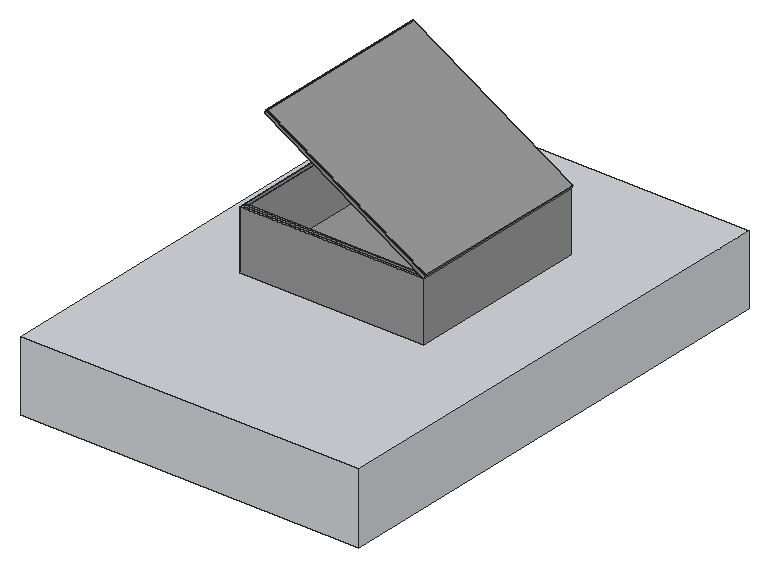
Revit family "Hager-Univers-IP55-D275-H800-Cl.I-Steel_encl-AT-de", category Equipement électrique, Revit 2020
Family settings
  Hôte = Face
  Configuration du panneau = Deux colonnes, circuits au sein
  Cote de connecteur circulaire = Utiliser le diamètre
  Type d'élément = Tableau de raccordement
  Couper avec des vides une fois chargée = Non
  Partagée = Non
  Point de calcul de pièce = Non
Parameters (values of type "Aufputz IP55 B800 H800 T275  - FR53E")
  Width Control [instance] = if([EF000008 - Breite] > Min Width, [EF000008 - Breite], Min Width)  # 800 mm
  Commentaires du type = [HG000003 - Bereich]  # "Univers"
  Thickness Door [instance] = if([EF009171 - Materialstärke Tür/Deckel] > 3 mm, 3 mm, [EF009171 - Materialstärke Tür/Deckel])  # 1.5 mm
  Seal Frame Offset [instance] = 17 mm  # constant formula
  Plinth Visibility [instance] = [HG000027 - Sockelhöhe] > 0 mm  # no
  Model = ""
  Min Width [instance] = 100 mm  # constant formula
  Min Height [instance] = 100 mm  # constant formula
  Min Depth [instance] = (2 * [EF009170 - Materialstärke Gehäuse]) + 1 mm  # 4 mm
  Internal Frame Depth [instance] = (Door System Depth * 0.5)  # 9 mm
  Height Control [instance] = if([EF000040 - Höhe] > Min Height, [EF000040 - Höhe], Min Height)  # 800 mm
  HG000027 - Sockelhöhe = 0 mm
  HG000026 - Stehend auf dem Boden = no
  HG000024 - Höhe des unteren Teils = 800 mm
  HG000023 - Gehäuse mit doppeltem Querschnitt = no
  HG000016 - 3D-Türsichtbarkeit [instance] = yes
  HG000015 - Sichtbarkeit der Türöffnung [instance] = no
  HG000014 - Tür rechts [instance] = yes
  HG000013 - Tür links [instance] = not([HG000014 - Tür rechts])  # no
  HG000012 - Türschwenkwinkel [instance] = 30.00°
  HG000010 - Asymmetrische Türen = no
  HG000009 - Doppelflügeligen Tür = no
  HG000006 - Unterputz = no
  HG000004 - Herstellerreferenz = "FR53E"
  HG000003 - Bereich = "Univers"
  HG000002 - Mit tür = yes
  Frame Offset Bottom [instance] = 10 mm  # constant formula
  Frame Offset [instance] = 15 mm  # constant formula
  EF015940 - Deckel mit Überdruckentlastung = no
  EF011959 - Schutzart (NEMA) = ""
  EF009554 - Anzahl der Öffnungen für Flanschplatten = 6
  Fabricant = "Hager"  # constant formula
  EF009212 - Ausführung Deckel = "EV000116 - geschlossen"
  EF009171 - Materialstärke Tür/Deckel = 1.5 mm
  EF009170 - Materialstärke Gehäuse = 1.5 mm
  EF008873 - Nennstrom (In) = 800 A
  EF007800 - Geeignet für Blitzschutz = no
  EF006306 - Mit Schloss = no
  EF006244 - Transparenter Deckel/Tür = no
  EF005474 - Schutzart (IP) = "EV006420 - IP55"
  EF004464 - Art der Tür = "EV002646 - Einzel"
  EF004427 - Anzahl der Module = 180
  EF004293 - Schlagfestigkeit = "EV008784 - IK10"
  EF003532 - Geeignet für Außengebrauch = no
  EF002950 - Breite in Teilungseinheiten = 24
  EF001613 - Funktionserhalt = "EV000494 - ohne"
  EF001596 - Werkstoff des Gehäuses = "EV000179 - Stahl"
  EF001131 - Innentiefe = 275 mm
  EF001088 - Anbaumöglichkeit = yes
  EF000437 - Anzahl der Leitungseinführungen = 6
  EF000339 - Art der Abdeckung = "EV004216 - Tür"
  EF000266 - Anzahl der Reihen = 5
  EF000218 - Einbautiefe = 0 mm
  EF000118 - Mit Montageplatte = no
  EF000116 - RAL-Nummer = "7035"
  EF000049 - Tiefe = 275 mm
  EF000040 - Höhe = 800 mm
  EF000008 - Breite = 800 mm
  EF000007 - Farbe = "EV000270 - grau"
  EF000003 - Montageart = "EV000384 - Aufputz"
  Door System Leaf Tolerance [instance] = 1.5 mm  # constant formula
  Door System Depth [instance] = 18 mm  # constant formula
  Door Height [instance] = Height Control - [HG000027 - Sockelhöhe]  # 800 mm
  Depth Control [instance] = if([EF000049 - Tiefe] > Min Depth, [EF000049 - Tiefe], Min Depth)  # 275 mm
  Default Elevation = 0 mm
  Connector Offset [instance] = Height Control / 2  # 400 mm
  Bottom Top Plate Trim [instance] = 1.5 mm  # constant formula
  Plinth height Ctrl [instance] = if([HG000027 - Sockelhöhe] > 0 mm, [HG000027 - Sockelhöhe], 12 mm)  # 12 mm
Types (5, lengths in mm): name | Width Control | HG000010 - Asymmetrische Türen | HG000009 - Doppelflügeligen Tür | HG000004 - Herstellerreferenz | EF009554 - Anzahl der Öffnungen für Flanschplatten | EF004464 - Art der Tür | EF004427 - Anzahl der Module | EF000437 - Anzahl der Leitungseinführungen | EF000008 - Breite
  Aufputz IP55 B1050 H800 T275  - FR54E | 1050 | no | yes | "FR54E" | 8 | "EV003602 - Doppel" | 240 | 8 | 1050
  Aufputz IP55 B1300 H800 T275  - FR55E | 1300 | yes | yes | "FR55E" | 10 | "EV003602 - Doppel" | 300 | 10 | 1300
  Aufputz IP55 B300 H800 T275  - FR51E | 300 | no | no | "FR51E" | 2 | "EV002646 - Einzel" | 60 | 2 | 300
  Aufputz IP55 B550 H800 T275  - FR52E | 550 | no | no | "FR52E" | 4 | "EV002646 - Einzel" | 120 | 4 | 550
  Aufputz IP55 B800 H800 T275  - FR53E | 800 | no | no | "FR53E" | 6 | "EV002646 - Einzel" | 180 | 6 | 800
Reference planes
  plane 1 "Center (Front/Back)": y = 0
  plane 2: z = 0
  plane 3 "Center (Left/Right)": x = 0
  plane 4: z = 275
  plane 5: y = 1.5
  plane 6: y = 400
  plane 7: y = 0
  plane 8: y = 800
  plane 9: z = 0
  plane 10: x = -385
  plane 11: x = 385
  plane 12: x = 383.5
  plane 13: x = -383.5
  plane 14: y = 798.5
  plane 15: x = -383
  plane 16: x = -400
  plane 17: x = 383
  plane 18: x = 400
  plane 19: x = 398.5
  plane 20: x = -398.5
  plane 21: y = 11.5
  plane 22: y = 800
  plane 23: y = 783.5
  plane 24: z = 257
  plane 25: z = 1.5
  plane 26: z = 255.5
  plane 27: z = 273.5
Forms (mm)
  Extrusion 1, solid
    sketch origin (0, 0, 0) x (1, 0, 0) y (0, 1, 0)
      loop
        line (-702.964, 1305) -> (-702.964, -811.445) -> (766.763, -811.445) -> (766.763, 1305) -> (-702.964, 1305)
    from 0 to -304.8
  Extrusion 2, solid, material "Hager_Steel_RAL7035_Light_Grey", visible <- "Plinth Visibility", detail levels medium+fine
    sketch origin (0, 0, 0) x (1, 0, 0) y (0, 1, 0)
      loop
        line (-400, 0) -> (400, 0) -> (400, 12) -> (-400, 12) -> (-400, 0)
    from 0 to 257
  Extrusion 3, solid, material "Hager_Steel_RAL7035_Light_Grey", detail levels medium+fine
    sketch origin (0, 0, 0) x (1, 0, 0) y (0, 1, 0)
      loop
        line (-400, 0) -> (400, 0) -> (400, 800) -> (-400, 800) -> (-400, 0)
    from 0 to 257
  Extrusion 4, void
    sketch origin (0, 0, 0) x (1, 0, 0) y (0, 1, 0)
      loop
        line (-398.5, 1.5) -> (398.5, 1.5) -> (398.5, 798.5) -> (-398.5, 798.5) -> (-398.5, 1.5)
    from 1.5 to 255.5
  Extrusion 5, void
    sketch origin (-381.607, -4572, 257) x (0, -1, 0) y (-1, 0, 0)
      loop
        line (-4583.5, 1.893) -> (-5355.5, 1.893) -> (-5355.5, -765.107) -> (-4583.5, -765.107) -> (-4583.5, 1.893)
    from 0 to 1.5 <- "EF009170 - Materialstärke Gehäuse"
  Extrusion 6, solid, material "Hager_Steel_RAL7035_Light_Grey", detail levels fine
    sketch origin (0, 0, 257) x (1, 0, 0) y (0, 1, 0)
      loop
        line (-383.5, 783.5) -> (-383.5, 11.5) -> (383.5, 11.5) -> (383.5, 783.5) -> (-383.5, 783.5)
      loop
        line (-385, 10) -> (385, 10) -> (385, 785) -> (-385, 785) -> (-385, 10)
    from 0 to 9 <- "Internal Frame Depth"
  Extrusion 7, solid, material "Hager_Steel_RAL7035_Light_Grey", detail levels coarse
    sketch origin (0, 0, 0) x (1, 0, 0) y (0, 1, 0)
      loop
        line (-400, 0) -> (400, 0) -> (400, 800) -> (-400, 800) -> (-400, 0)
    from 0 to 275
  Sweep 8, void
    path in 3D
      loop
        line (-400, 12, 0) -> (400, 12, 0) -> (400, 12, 257) -> (-400, 12, 257) -> (-400, 12, 0)
    profile origin (-400, 12, 128.5) x (-1, 0, 0) y (0, -1, 0)
      loop
        line (0, 0) -> (0, 1.5) -> (-1.5, 1.5)
        arc (-1.5, 1.5) -> (-1.061, 0.439) -> (0, 0) r 1.5
Cuts and joins
  Extrusion 4, Extrusion 5 cuts Extrusion 3
  Sweep 8 cuts Extrusion 2
Lines and regions (mm)
  Masking region 1
    outline origin (0, 0, 0) x (1, 0, 0) y (0, 0, 1)
      loop
        line (-400, 275) -> (-400, 0) -> (400, 0) -> (400, 275) -> (-400, 275)
  Masking region 2, detail levels medium+fine
    outline origin (0, 140, 0) x (0, 1, 0) y (0, 0, 1)
      loop
        line (-140, 0) -> (660, 0) -> (660, 257) -> (-140, 257) -> (-140, 0)
  Masking region 3, not visible, detail levels medium+fine
    outline origin (0, 297.922, 0) x (0, 1, 0) y (0, 0, 1)
      loop
        line (113.578, 0) -> (153.578, 0) -> (153.578, 263.5)
        arc (153.578, 263.5) -> (150.649, 270.571) -> (143.578, 273.5) r 10
        line (143.578, 273.5) -> (113.578, 273.5) -> (113.578, 0)
  Masking region 4, detail levels coarse
    outline origin (0, 0, 180) x (0, 1, 0) y (0, 0, 1)
      loop
        line (0, -180) -> (800, -180) -> (800, 95) -> (0, 95) -> (0, -180)
  Masking region 5, visible <- "Plinth Visibility", detail levels medium+fine
    outline origin (0, 52.24, 12.345) x (0, 0, -1) y (0, 1, 0)
      loop
        line (10.845, -40.24) -> (-243.155, -40.24)
        arc (-243.155, -40.24) -> (-243.594, -41.301) -> (-244.655, -41.74) r 1.5
        line (-244.655, -41.74) -> (-244.655, -52.24) -> (12.345, -52.24) -> (12.345, -41.74)
        arc (12.345, -41.74) -> (11.285, -41.301) -> (10.845, -40.24) r 1.5
  Masking region 6, detail levels medium+fine
    outline origin (-381.607, -4572, 257) x (-1, 0, 0) y (0, -1, 0)
      loop
        line (18.393, -5372) -> (18.393, -4572) -> (-781.607, -4572) -> (-781.607, -5372) -> (18.393, -5372)
  Masking region 7, visible <- "Plinth Visibility", detail levels medium+fine
    outline origin (-381.607, -4727, 257) x (-1, 0, 0) y (0, -1, 0)
      loop
        arc (16.893, -4739) -> (17.332, -4737.939) -> (18.393, -4737.5) r 1.5
        line (18.393, -4737.5) -> (18.393, -4727) -> (-781.607, -4727) -> (-781.607, -4737.5)
        arc (-781.607, -4737.5) -> (-780.546, -4737.939) -> (-780.107, -4739) r 1.5
        line (-780.107, -4739) -> (16.893, -4739)
  Masking region 8, detail levels coarse
    outline origin (-442.548, -4669.526, 257) x (-1, 0, 0) y (0, -1, 0)
      loop
        line (-42.548, -5469.526) -> (-42.548, -4669.526) -> (-842.548, -4669.526) -> (-842.548, -5469.526) -> (-42.548, -5469.526)
  sketch lines
    curve 1: line (-400, 12, 257) -> (-400, 12, 0)
    curve 2: line (400, 12, 257) -> (-400, 12, 257)
    curve 3: line (400, 12, 257) -> (400, 12, 0)
    curve 4: line (-400, 12, 0) -> (400, 12, 0)
Dimensions and locks
  "Depth Control": plane 4 to Extrusion 1
  "HG000027 - Sockelhöhe": plane 1 "Center (Front/Back)" to plane 7
  "EF009170 - Materialstärke Gehäuse": plane 5 to plane 7
  locked: connector elem to plane 3 "Center (Left/Right)"
  equal spacing: plane 8, plane 6, plane 7
  locked: connector elem to plane 6
  "EF009170 - Materialstärke Gehäuse": plane 8 to plane 14
  "EF009170 - Materialstärke Gehäuse": plane 10 to plane 13
  "EF009170 - Materialstärke Gehäuse": plane 12 to plane 11
  "Frame Offset": plane 20 to plane 13
  "Frame Offset": plane 12 to plane 19
  "EF009170 - Materialstärke Gehäuse": plane 16 to plane 20
  "EF009170 - Materialstärke Gehäuse": plane 19 to plane 18
  "Seal Frame Offset": plane 16 to plane 15
  "Seal Frame Offset": plane 17 to plane 18
  "Frame Offset Bottom": plane 21 to plane 5
  "Frame Offset": plane 14 to plane 23
  equal spacing: plane 16, plane 3 "Center (Left/Right)", plane 18
  "Width Control": plane 16 to plane 18
  "EF009170 - Materialstärke Gehäuse": plane 4 to plane 27
  "EF009170 - Materialstärke Gehäuse": plane 24 to plane 26
  "EF009170 - Materialstärke Gehäuse": plane 25 to level
  "Door System Depth": plane 4 to plane 24
  "Height Control": plane 1 "Center (Front/Back)" to Extrusion 7 sketch curve
  "Height Control": Masking region 4 sketch curve to plane 1 "Center (Front/Back)"
  "Height Control": plane 1 "Center (Front/Back)" to plane 22
  "Bottom Top Plate Trim": profile plane to Sweep 8 sketch curve
  "Bottom Top Plate Trim": Sweep 8 sketch curve to profile plane
  "Plinth height Ctrl": plane 1 "Center (Front/Back)" to Extrusion 2 sketch curve
  "Plinth height Ctrl": Masking region 5 sketch curve to plane 1 "Center (Front/Back)"
  "Plinth height Ctrl": plane 1 "Center (Front/Back)" to Masking region 7 sketch curve
  "Thickness Door": Extrusion 6 sketch curve to Extrusion 6 sketch curve  (x3)
  "Thickness Door": cut or joined group of Extrusion 3, Extrusion 4, Extrusion 5 to Extrusion 6 sketch curve
  radius of Masking region 3 sketch curve = 10 mm
  "Bottom Top Plate Trim": radius of Masking region 5 sketch curve  (x2)
  "Bottom Top Plate Trim": radius of Sweep 8 sketch curve
  "Bottom Top Plate Trim": radius of Masking region 7 sketch curve  (x2)
  aligned and locked: plane 2 to Extrusion 1
  aligned and locked: level to Extrusion 1
  aligned and locked: level to Masking region 1 sketch curve
  aligned and locked: Masking region 1 sketch curve to plane 18
  aligned and locked: Masking region 1 sketch curve to plane 16
  aligned and locked: plane 7 to Masking region 2 sketch curve
  aligned and locked: level to Masking region 3 sketch curve
  aligned and locked: Masking region 3 sketch curve to plane 27
  aligned and locked: level to Masking region 2 sketch curve
  aligned and locked: plane 1 "Center (Front/Back)" to Extrusion 2 sketch curve
  aligned and locked: Extrusion 3 sketch curve to plane 7
  aligned and locked: plane 16 to Extrusion 3 sketch curve
  aligned and locked: plane 18 to Extrusion 3 sketch curve
  aligned and locked: plane 20 to Extrusion 4 sketch curve
  aligned and locked: plane 19 to Extrusion 4 sketch curve
  aligned and locked: Extrusion 4 sketch curve to plane 5
  aligned and locked: Extrusion 4 to plane 25
  aligned and locked: plane 26 to Extrusion 4
  aligned and locked: plane 24 to Extrusion 3
  aligned and locked: Extrusion 5 sketch curve to plane 21
  aligned and locked: Extrusion 5 sketch curve to plane 13
  aligned and locked: Extrusion 5 sketch curve to plane 12
  aligned and locked: plane 18 to Extrusion 7 sketch curve
  aligned and locked: plane 1 "Center (Front/Back)" to Extrusion 7 sketch curve
  aligned and locked: plane 16 to Extrusion 7 sketch curve
  aligned and locked: plane 4 to Extrusion 7
  aligned and locked: Extrusion 7 to level
  aligned and locked: level to Masking region 4 sketch curve
  aligned and locked: Masking region 4 sketch curve to plane 1 "Center (Front/Back)"
  aligned and locked: Masking region 4 sketch curve to plane 4
  aligned and locked: nested 1 to level
  aligned and locked: nested 1 to plane 16
  aligned and locked: plane 8 to Extrusion 3 sketch curve
  aligned and locked: plane 23 to Extrusion 5 sketch curve
  aligned and locked: plane 14 to Extrusion 4 sketch curve
  aligned and locked: Masking region 2 sketch curve to plane 8
  aligned and locked: level to Masking region 5 sketch curve
  aligned and locked: plane 16 to Extrusion 2 sketch curve
  aligned and locked: plane 18 to Extrusion 2 sketch curve
  aligned and locked: Masking region 5 sketch curve to plane 24
  aligned and locked: Masking region 2 sketch curve to plane 24
  aligned and locked: plane 24 to Extrusion 2
  aligned and locked: profile plane to Sweep 8 sketch curve  (x2)
  aligned and locked: Masking region 6 sketch curve to plane 18
  aligned and locked: Masking region 6 sketch curve to plane 22
  aligned and locked: Masking region 6 sketch curve to plane 16
  aligned and locked: plane 8 to plane 22
  aligned and locked: Masking region 6 sketch curve to plane 7
  aligned and locked: Masking region 7 sketch curve to plane 16
  aligned and locked: Masking region 7 sketch curve to plane 1 "Center (Front/Back)"
  aligned and locked: Masking region 7 sketch curve to plane 18
  aligned and locked: Masking region 8 sketch curve to plane 1 "Center (Front/Back)"
  aligned and locked: Masking region 8 sketch curve to plane 18
  aligned and locked: Masking region 8 sketch curve to plane 22
  aligned and locked: Masking region 8 sketch curve to plane 16
  aligned and locked: nested 2 to plane 7
  aligned and locked: plane 3 "Center (Left/Right)" to nested 2
  aligned and locked: nested 2 to plane 24
  aligned and locked: Extrusion 6 sketch curve to cut or joined group of Extrusion 3, Extrusion 4, Extrusion 5  (x4)
Automatic sketch dimensions
  Extrusion 1 sketch curve to Extrusion 1 sketch curve = 1469.727 mm
  Extrusion 1 sketch curve to Extrusion 1 sketch curve = 2116.445 mm
  Masking region 1 sketch curve to plane 4 = 0 mm
  plane 6 to Masking region 3 sketch curve = 11.5 mm
  Masking region 3 sketch curve to Masking region 3 sketch curve = 30 mm
  Masking region 5 sketch curve to plane 1 "Center (Front/Back)" = 0 mm
Nested families
  nested 1: "Hager_Enclosure_Symbol" at (-400, 0, 0) x (1, 0, 0) z (0, -1, 0), Height <- "Depth Control", Width <- "Width Control", type "Hager_Enclosure_Symbol"
    with Width_Ctrl 800 mm, Width 800 mm, Height_Ctrl 275 mm, Height 275 mm, A_Width_Int 18.047 mm, A_Width 216.562 mm, A_Height_Ctrl 240.625 mm, A_Height 240.625 mm
  nested 2: "EC000058_Univers_Door" at (0, 0, 257) x (1, 0, 0) z (0, 1, 0), Leaf_Tolerance <- "Door System Leaf Tolerance", Angle <- "HG000012 - Türschwenkwinkel", Door_Depth <- "Door System Depth", Door_Left <- "HG000013 - Tür links", Transparent <- "EF006244 - Transparenter Deckel/Tür", Assymetrical <- "HG000010 - Asymmetrische Türen", Width <- "Width Control", Clearance <- "HG000015 - Sichtbarkeit der Türöffnung", Double <- "HG000009 - Doppelflügeligen Tür", 3d_Door <- "HG000016 - 3D-Türsichtbarkeit", Lock_Visibility <- "EF006306 - Mit Schloss", Width_Ctrl <- "Width Control", Door_Right <- "HG000014 - Tür rechts", Door <- "HG000002 - Mit tür", Height <- "Door Height", Thickness <- "Thickness Door", type "EC000058_Univers_Door", detail levels medium+fine
    with min_wh 4 mm, Width_Ctrl 800 mm, Width 800 mm, Transparent no, Thickness 1.5 mm, Seal_Material Hager_Rubber, Lock_Visibility no, Lock_Material Hager_Plastic_RAL9005_Jet_Black, Leaf_Width 800 mm, Leaf_Tolerance_External_Sides 0 mm, Leaf_Tolerance 1.5 mm, Leaf_Offset 0 mm, Leaf_Height 797 mm, Leaf_2_Width 800 mm, Leaf_2_Offset 400 mm, Leaf_1_Width 800 mm, Leaf_1_Offset 400 mm, Height_Ctrl 800 mm, Height 800 mm, Glass_Material Hager_Glass, Double_Clearance_Ctrl no, Double no, Door_Right_Ctrl yes, Door_Right yes, Door_Material Hager_Steel_RAL7035_Light_Grey, Door_Left_Ctrl no, Door_Left no, Door_Depth 18 mm, Door yes, Clearance_Material Hager_Clearance, Clearance_Depth 800 mm, Clearance_Ctrl no, Clearance no, Assymetrical no, Angle 30.00°, 3d_Door yes
Connectors
  electrical at (0, 400, 0)
    settings: on plane 9, index 1, voltage 0 V, apparent load 0 VA, apparent load phase1 0 VA, apparent load phase2 0 VA, apparent load phase3 0 VA, power factor 1, load classification "Other", number of poles 1, system type 30, power factor state 1, is connector primary yes, connector utility no, sub classification motor no, connector description ""
Definition of nested family "EC000058_Univers_Door"
  Parameters (values of type "EC000058_Univers_Door")
    min_wh [instance] = (2 * Thickness) + 1 mm  # 11 mm
    Width_Ctrl [instance] = 400 mm
    Width [instance] = 500 mm
    Transparent [instance] = yes
    Thickness [instance] = 5 mm
    Seal_Material [instance] = none
    Lock_Visibility [instance] = yes
    Lock_Material [instance] = none
    Leaf_Width [instance] = if((Width_Ctrl - 2 * Leaf_Tolerance_External_Sides) > 0 mm, (Width_Ctrl - 2 * Leaf_Tolerance_External_Sides), min_wh)  # 400 mm
    Leaf_Tolerance_External_Sides [instance] = 0 mm  # constant formula
    Leaf_Tolerance [instance] = 1.5 mm
    Leaf_Offset [instance] = 0 mm  # constant formula
    Leaf_Height [instance] = if((Height_Ctrl - 2 * Leaf_Tolerance) > 0 mm, (Height_Ctrl - 2 * Leaf_Tolerance), min_wh)  # 497 mm
    Leaf_2_Width [instance] = if(and(and(Double, Assymetrical), Door_Left), (Leaf_Width / 3) - (Leaf_Tolerance / 2), if(and(and(Double, Assymetrical), Door_Right), (Leaf_Width / 3) * 2 - (Leaf_Tolerance / 2), if(and(Double, not(Assymetrical)), (Leaf_Width / 2) - Leaf_Tolerance, Leaf_Width)))  # 400 mm
    Leaf_2_Offset [instance] = if(and(Double, Assymetrical), Leaf_2_Width / 2, if(and(Double, not(Assymetrical)), Leaf_Width / 4, Leaf_Width / 2))  # 200 mm
    Leaf_1_Width [instance] = if(and(and(Double, Assymetrical), Door_Right), (Leaf_Width / 3) - (Leaf_Tolerance / 2), if(and(and(Double, Assymetrical), Door_Left), (Width / 3) * 2 - (Leaf_Tolerance / 2), if(and(Double, not(Assymetrical)), (Leaf_Width / 2) - Leaf_Tolerance, Leaf_Width)))  # 400 mm
    Leaf_1_Offset [instance] = if(and(Double, Assymetrical), Leaf_1_Width / 2, if(and(Double, not(Assymetrical)), Leaf_Width / 4, Leaf_Width / 2))  # 200 mm
    Height_Ctrl [instance] = if(Height > min_wh, Height, min_wh)  # 500 mm
    Height [instance] = 500 mm
    Glass_Material [instance] = none
    Double_Clearance_Ctrl [instance] = and(Double, Clearance)  # no
    Double [instance] = no
    Door_Right_Ctrl [instance] = and(or(Door_Right, Double), Door)  # yes
    Door_Right [instance] = yes
    Door_Material [instance] = none
    Door_Left_Ctrl [instance] = and(or(Door_Left, Double), Door)  # no
    Door_Left [instance] = no
    Door_Depth [instance] = 30 mm
    Door [instance] = yes
    Default Elevation = 1219.2 mm
    Clearance_Material [instance] = none
    Clearance_Depth [instance] = if(Leaf_1_Width > Leaf_2_Width, Leaf_1_Width, Leaf_2_Width)  # 400 mm
    Clearance_Ctrl [instance] = and(not(Double), Clearance)  # yes
    Clearance [instance] = yes
    Assymetrical [instance] = yes
    Angle [instance] = 30.00°
    3d_Door [instance] = yes
  Reference planes
    plane 1 "Center (Front/Back)": y = 0
    plane 2 "Bottom": z = 0
    plane 3 "Center (Left/Right)": x = 0
    plane 4: z = 500
    plane 5: x = -200
    plane 6: x = 200
    plane 7: z = 500
    plane 8: x = -200
    plane 9: z = 0
    plane 10: x = 200
    plane 11: y = 0
    plane 12: z = 1.5
    plane 13: x = -600
    plane 14: y = -400
    plane 15: x = 600
    plane 16: x = 0
    plane 17: x = 0
    plane 18: x = -200
    plane 19: x = 200
    plane 20: z = 498.5
  Forms (mm)
    Extrusion 1, solid, material <- "Clearance_Material", visible <- "Double_Clearance_Ctrl"
      sketch origin (1200, 0, 0) x (1, 0, 0) y (0, 0, -1)
        loop
          line (-1800, -498.5) -> (-600, -498.5) -> (-600, 0) -> (-1800, 0) -> (-1800, -498.5)
      from 0 to -400
  Dimensions and locks
    equal spacing: plane 5, plane 3 "Center (Left/Right)", plane 6
    "Width_Ctrl": plane 5 to plane 6
    "Leaf_Offset": plane 5 to plane 8
    "Leaf_Offset": plane 6 to plane 10
    "Leaf_Offset": plane 9 to level
    "Leaf_Offset": plane 4 to plane 7
    "Height_Ctrl": plane 4 to level
    "Leaf_Tolerance": plane 12 to plane 9
    locked: plane 11 to plane 1 "Center (Front/Back)"
    "Leaf_1_Offset": plane 18 to plane 16
    "Leaf_2_Offset": plane 17 to plane 19
    "Leaf_1_Width": plane 13 to plane 8
    "Leaf_2_Width": plane 10 to plane 15
    "Clearance_Depth": plane 14 to plane 1 "Center (Front/Back)"
    "Leaf_Tolerance_External_Sides": plane 8 to plane 18
    "Leaf_Tolerance_External_Sides": plane 19 to plane 10
    "Leaf_Tolerance": plane 7 to plane 20
    aligned and locked: level to plane 2 "Bottom"
    aligned and locked: nested 1 to plane 16
    aligned and locked: nested 2 to plane 17
    aligned and locked: Extrusion 1 to plane 13
    aligned and locked: plane 15 to Extrusion 1
    aligned and locked: Extrusion 1 to plane 14
    aligned and locked: plane 12 to nested 1
    aligned and locked: nested 2 to plane 12
    aligned and locked: Extrusion 1 to plane 11
    aligned and locked: plane 20 to Extrusion 1
    aligned and locked: nested 2 to plane 11
    aligned and locked: nested 1 to plane 11
  Automatic sketch dimensions
    Extrusion 1 sketch curve to level = 0 mm
    plane 5 to Extrusion 1 sketch curve = 400 mm
    plane 6 to Extrusion 1 sketch curve = 400 mm
    Extrusion 1 sketch curve to plane 4 = 1.5 mm
  Nested families
    nested 1: "EC000058_Univers_Door_Leaf" at (0, 0, 1.5), Width <- "Leaf_1_Width", visible <- "Door_Left_Ctrl", Leaf_Height <- "Leaf_Height", Angle <- "Angle", 3d_Door <- "3d_Door", Transparent <- "Transparent", Clearance Material <- "Clearance_Material", Clearance <- "Clearance_Ctrl", Door_Material <- "Door_Material", Glass_Material <- "Glass_Material", Door_Depth <- "Door_Depth", Lock_Material <- "Lock_Material", Seal_Material <- "Seal_Material", Lock_Visibility <- "Lock_Visibility", Thickness <- "Thickness", type "EC000058_Univers_Door_Leaf"
      with Width 400 mm, Transparent_Glass_Offset 30 mm, Transparent_Ctrl yes, Transparent yes, Thickness 5 mm, Standard no, Seal_Material none, Seal_D2 8 mm, Seal_D1 1 mm, Offset_Internal_Frame 10 mm, Lock_Width 20 mm, Lock_Visibility_3d yes, Lock_Visibility yes, Lock_Thickness_3 3 mm, Lock_Thickness_2 1 mm, Lock_Thickness_1 3 mm, Lock_Radius_Offset_2 16 mm, Lock_Radius_Offset_1 15 mm, Lock_Radius_2 5 mm, Lock_Radius 6 mm, Lock_Offset 5 mm, Lock_Material none, Lock_Height 80 mm, Lock_Cover_Top_Offset_2d 17 mm, Lock_Cover_Height -65 mm, Leaf_Height 497 mm, Internal_Seal_Thickness 8 mm, Internal_Seal_Depth_2 4.5 mm, Internal_Frame_Depth 25 mm, Glass_Thickness -1 mm, Glass_Offset -2 mm, Glass_Material none, Door_Material none, Door_Depth 30 mm, Clearance Material none, Clearance yes, Angle_Ctrl 30.00°, Angle 30.00°, 3d_Door yes
    nested 2: "EC000058_Univers_Door_Leaf" at (0, 0, 1.5) x (-1, 0, 0) z (0, 0, 1), Width <- "Leaf_2_Width", visible <- "Door_Right_Ctrl", Leaf_Height <- "Leaf_Height", Angle <- "Angle", 3d_Door <- "3d_Door", Transparent <- "Transparent", Clearance Material <- "Clearance_Material", Clearance <- "Clearance_Ctrl", Door_Material <- "Door_Material", Glass_Material <- "Glass_Material", Door_Depth <- "Door_Depth", Lock_Material <- "Lock_Material", Seal_Material <- "Seal_Material", Lock_Visibility <- "Lock_Visibility", Thickness <- "Thickness", type "EC000058_Univers_Door_Leaf"
      with Width 400 mm, Transparent_Glass_Offset 30 mm, Transparent_Ctrl yes, Transparent yes, Thickness 5 mm, Standard no, Seal_Material none, Seal_D2 8 mm, Seal_D1 1 mm, Offset_Internal_Frame 10 mm, Lock_Width 20 mm, Lock_Visibility_3d yes, Lock_Visibility yes, Lock_Thickness_3 3 mm, Lock_Thickness_2 1 mm, Lock_Thickness_1 3 mm, Lock_Radius_Offset_2 16 mm, Lock_Radius_Offset_1 15 mm, Lock_Radius_2 5 mm, Lock_Radius 6 mm, Lock_Offset 5 mm, Lock_Material none, Lock_Height 80 mm, Lock_Cover_Top_Offset_2d 17 mm, Lock_Cover_Height -65 mm, Leaf_Height 497 mm, Internal_Seal_Thickness 8 mm, Internal_Seal_Depth_2 4.5 mm, Internal_Frame_Depth 25 mm, Glass_Thickness -1 mm, Glass_Offset -2 mm, Glass_Material none, Door_Material none, Door_Depth 30 mm, Clearance Material none, Clearance yes, Angle_Ctrl 30.00°, Angle 30.00°, 3d_Door yes
  Definition of nested family "EC000058_Univers_Door_Leaf"
    Parameters (values of type "EC000058_Univers_Door_Leaf")
      Width [instance] = 2000 mm
      Transparent_Glass_Offset [instance] = 30 mm
      Transparent_Ctrl [instance] = and(Transparent, [3d_Door])  # yes
      Transparent [instance] = yes
      Thickness [instance] = 5 mm
      Standard [instance] = and(not(Transparent), [3d_Door])  # no
      Seal_Material [instance] = none
      Seal_D2 [instance] = 8 mm  # constant formula
      Seal_D1 [instance] = 1 mm  # constant formula
      Offset_Internal_Frame [instance] = 10 mm  # constant formula
      Lock_Width [instance] = 20 mm  # constant formula
      Lock_Visibility_3d [instance] = and(Lock_Visibility, [3d_Door])  # yes
      Lock_Visibility [instance] = yes
      Lock_Thickness_3 [instance] = 3 mm  # constant formula
      Lock_Thickness_2 [instance] = 1 mm  # constant formula
      Lock_Thickness_1 [instance] = 3 mm  # constant formula
      Lock_Radius_Offset_2 [instance] = Lock_Radius_Offset_1 + 1 mm  # 16 mm
      Lock_Radius_Offset_1 [instance] = 15 mm  # constant formula
      Lock_Radius_2 [instance] = Lock_Radius - 1 mm  # 5 mm
      Lock_Radius [instance] = 6 mm  # constant formula
      Lock_Offset [instance] = 5 mm  # constant formula
      Lock_Material [instance] = none
      Lock_Height [instance] = 80 mm  # constant formula
      Lock_Cover_Top_Offset_2d [instance] = Lock_Radius_Offset_2 + 1 mm  # 17 mm
      Lock_Cover_Height [instance] = -(Lock_Height - Lock_Radius_Offset_1)  # -65 mm
      Leaf_Height [instance] = 2720.336 mm
      Internal_Seal_Thickness [instance] = 8 mm  # constant formula
      Internal_Seal_Depth_2 [instance] = 4.5 mm  # constant formula
      Internal_Frame_Depth [instance] = if(Door_Depth - Thickness > 5 mm, Door_Depth - Thickness, 5 mm)  # 25 mm
      Glass_Thickness [instance] = if(Thickness > 15 mm, Glass_Offset + 10 mm, -1 mm)  # -1 mm
      Glass_Offset [instance] = if(Thickness > 15 mm, -(Thickness + 10 mm) / 2, -2 mm)  # -2 mm
      Glass_Material [instance] = none
      Door_Material [instance] = none
      Door_Depth [instance] = 30 mm
      Default Elevation = 0 mm
      Clearance Material [instance] = none
      Clearance [instance] = yes
      Angle_Ctrl [instance] = if(Angle > 180.00°, 180.00°, Angle)  # 90.00°
      Angle [instance] = 90.00°
      3d_Door [instance] = yes
    Reference planes
      plane 1 "Center (Front/Back)": y = 0
      plane 2: z = 0
      plane 3 "Center (Left/Right)": x = 0
      plane 4: y = 2000
      plane 5: x = -1000
      plane 6: x = 1000
      plane 7: x = -3000
      plane 8: z = 2720.336
      plane 9: z = 30
      plane 10: z = 2690.336
      plane 11: x = 970
      plane 12: x = -970
      plane 13: y = -3
      plane 14: z = 107.833
      plane 15: y = -5
      plane 16: y = -223.314
      plane 17: x = -1000
      plane 18: z = 1360.168
      plane 19: y = 30
    Forms (mm)
      Extrusion 1, solid, material <- "Clearance Material", visible <- "Clearance"
        sketch origin (0, 0, 0) x (1, 0, 0) y (0, 0, 1)
          loop
            line (-3000, 2720.336) -> (-3000, 0) -> (1000, 0) -> (1000, 2720.336) -> (-3000, 2720.336)
        from 0 to -2000
      Extrusion 2, solid, material <- "Door_Material", visible <- "Standard", detail levels medium+fine
        sketch origin (-1000, 0, 0) x (0, 1, 0) y (-1, 0, 0)
          loop
            line (0, 30) -> (0, 25) -> (2000, 25) -> (2000, 30) -> (0, 30)
        from 0 to 2720.336 <- "Leaf_Height"
      Extrusion 3, solid, material <- "Door_Material", visible <- "Transparent_Ctrl", detail levels medium+fine
        sketch origin (-1000, 0, 0) x (0, 1, 0) y (-1, 0, 0)
          loop
            line (0, 25) -> (2000, 25) -> (2000, 30) -> (0, 30) -> (0, 25)
        from 0 to 2720.336 <- "Leaf_Height"
      Extrusion 4, void
        sketch origin (-1025, 2000, 0) x (0, 1, 0) y (0, 0, -1)
          loop
            line (-30, -2690.336) -> (-30, -30) -> (-1970, -30) -> (-1970, -2690.336) -> (-30, -2690.336)
        from 0 to 5 <- "Thickness"
      Sweep 5, solid, material <- "Seal_Material", visible <- "Transparent_Ctrl", detail levels fine
        path in 3D
          loop
            line (-1025, 30, 30) -> (-1025, 30, 2690.336) -> (-1025, 1970, 2690.336) -> (-1025, 1970, 30) -> (-1025, 30, 30)
        profile origin (-1025, 1000, 30) x (1, 0, 0) y (0, 0, 1)
          loop
            line (0, 0) -> (0, -8) -> (1, -8) -> (1, 0) -> (0, 0)
      Extrusion 6, solid, material <- "Glass_Material", visible <- "Transparent_Ctrl", detail levels medium+fine
        sketch origin (-1030, 0, 0) x (0, 1, 0) y (0, 0, -1)
          loop
            line (1970, -2690.336) -> (1970, -30) -> (30, -30) -> (30, -2690.336) -> (1970, -2690.336)
        from -2 <- "Glass_Offset" to -1 <- "Glass_Thickness"
      Extrusion 7, solid, material <- "Door_Material", visible <- "3d_Door", detail levels medium+fine
        sketch origin (-1025, 2000, 0) x (0, -1, 0) y (0, 0, -1)
          loop
            line (0, -2720.336) -> (2000, -2720.336) -> (2000, 0) -> (0, 0) -> (0, -2720.336)
          loop
            line (1995, -5) -> (5, -5) -> (5, -2715.336) -> (1995, -2715.336) -> (1995, -5)
        from 0 to 25 <- "Internal_Frame_Depth"
      Sweep 8, solid, material <- "Seal_Material", visible <- "Transparent_Ctrl", detail levels fine
        path in 3D
          loop
            line (-1025, 0, 0) -> (-1025, 2000, 0) -> (-1025, 2000, 2720.336) -> (-1025, 0, 2720.336) -> (-1025, 0, 0)
        profile origin (-1025, 0, 1360.168) x (1, 0, 0) y (0, 1, 0)
          loop
            line (0, 10) -> (2.975, 10)
            arc (2.975, 10) -> (4.053, 10.447) -> (4.5, 11.525) r 1.525
            line (4.5, 11.525) -> (4.5, 16.527)
            arc (4.5, 16.527) -> (4.069, 17.569) -> (3.027, 18) r 1.473
            line (3.027, 18) -> (0, 18) -> (0, 10)
      Extrusion 9, solid, material <- "Lock_Material", visible <- "Lock_Visibility_3d", detail levels fine
        sketch origin (-1030, 0, 0) x (0, 1, 0) y (0, 0, -1)
          loop
            arc (1993.5, -1400.168) -> (1994.561, -1399.729) -> (1995, -1398.668) r 1.5
            line (1995, -1398.668) -> (1995, -1320.168) -> (1975, -1320.168) -> (1975, -1398.668)
            arc (1975, -1398.668) -> (1975.439, -1399.729) -> (1976.5, -1400.168) r 1.5
            line (1976.5, -1400.168) -> (1993.5, -1400.168)
        from 3 <- "Lock_Thickness_1" to 0
      Blend 10, solid, material <- "Lock_Material", visible <- "Lock_Visibility_3d", detail levels fine
        base sketch origin (-1033, 0, 0) x (0, 1, 0) y (0, 0, -1)
          loop
            line (1975, -1320.168) -> (1975, -1398.668)
            arc (1975, -1398.668) -> (1975.439, -1399.729) -> (1976.5, -1400.168) r 1.5
            line (1976.5, -1400.168) -> (1993.5, -1400.168)
            arc (1993.5, -1400.168) -> (1994.561, -1399.729) -> (1995, -1398.668) r 1.5
            line (1995, -1398.668) -> (1995, -1320.168) -> (1975, -1320.168)
        top sketch origin (-1033, 0, 0) x (0, 1, 0) y (0, 0, -1)
          loop
            line (1976, -1320.168) -> (1976, -1398.668)
            arc (1976, -1398.668) -> (1976.146, -1399.022) -> (1976.5, -1399.168) r 0.5
            line (1976.5, -1399.168) -> (1993.5, -1399.168)
            arc (1993.5, -1399.168) -> (1993.854, -1399.022) -> (1994, -1398.668) r 0.5
            line (1994, -1398.668) -> (1994, -1320.168) -> (1976, -1320.168)
        from 0 to 1 <- "Lock_Thickness_2"
      Blend 11, solid, material <- "Lock_Material", visible <- "Lock_Visibility_3d", detail levels fine
        base sketch origin (-1034, 0, 0) x (0, 1, 0) y (0, 0, -1)
          loop
            line (1978, -1320.168) -> (1978, -1384.168)
            arc (1978, -1384.168) -> (1985, -1391.168) -> (1992, -1384.168) r 7
            line (1992, -1384.168) -> (1992, -1320.168) -> (1978, -1320.168)
        top sketch origin (-1034, 0, 0) x (0, 1, 0) y (0, 0, -1)
          loop
            line (1991, -1320.168) -> (1979, -1320.168) -> (1979, -1383.168)
            arc (1979, -1383.168) -> (1985, -1389.168) -> (1991, -1383.168) r 6
            line (1991, -1383.168) -> (1991, -1320.168)
        from 0 to 3 <- "Lock_Thickness_3"
      Extrusion 12, solid, material <- "Lock_Material", visible <- "Lock_Visibility_3d", detail levels fine
        sketch origin (-1030, 1975, 1320.168) x (1, 0, 0) y (0, -1, 0)
          loop
            line (-7, -19) -> (-7, -1) -> (0, -1) -> (0, 0) -> (-8, 0) -> (-8, -20) -> (0, -20) -> (0, -19) -> (-7, -19)
        from 0 to -65 <- "Lock_Cover_Height"
      Extrusion 13, void
        sketch origin (-1038, 1995, 1320.168) x (-1, 0, 0) y (0, 0, -1)
          loop
            line (-5, -65) -> (0, -65) -> (-5, -60) -> (-5, -65)
        from 0 to 20 <- "Lock_Width"
      Extrusion 14, void
        sketch origin (-1038, 1975, 1320.168) x (0, -1, 0) y (0, 0, -1)
          loop
            circle (-10, -15.995) r 6
          loop
            circle (-10, -15.995) r 5
        from 0 to 2
      Extrusion 15, solid, material <- "Lock_Material", visible <- "Lock_Visibility_3d", detail levels medium
        sketch origin (-1030, 0, 0) x (0, 1, 0) y (0, 0, -1)
          loop
            arc (1993.5, -1400.168) -> (1994.561, -1399.729) -> (1995, -1398.668) r 1.5
            line (1995, -1398.668) -> (1995, -1320.168) -> (1975, -1320.168) -> (1975, -1398.668)
            arc (1975, -1398.668) -> (1975.439, -1399.729) -> (1976.5, -1400.168) r 1.5
            line (1976.5, -1400.168) -> (1993.5, -1400.168)
        from 8 to 0
    Cuts and joins
      Extrusion 4 cuts Extrusion 3
      Extrusion 13, Extrusion 14 cuts Extrusion 9
      Extrusion 14 cuts Blend 11
      Extrusion 13, Extrusion 14 cuts Extrusion 12
      joined: Extrusion 9, Blend 10, Blend 11, Extrusion 12
      Extrusion 14 cuts Extrusion 15
    Lines and regions (mm)
      Masking region 1, visible <- "Lock_Visibility", detail levels fine
        outline origin (0, 0, 0) x (0, 1, 0) y (0, 0, 1)
          loop
            line (30, 1320.168) -> (33, 1320.168) -> (33, 1400.168) -> (30, 1400.168) -> (30, 1320.168)
      Masking region 2, visible <- "Lock_Visibility", detail levels fine
        outline origin (0, 3.143, 0) x (0, 1, 0) y (0, 0, 1)
          loop
            line (29.857, 1354.168) -> (30.857, 1354.168) -> (30.857, 1366.168) -> (29.857, 1366.168) -> (29.857, 1354.168)
      Masking region 3, detail levels medium+fine
        outline origin (0, 0, 0) x (0, 1, 0) y (0, 0, 1)
          loop
            line (0, 0) -> (30, 0) -> (30, 2720.336) -> (0, 2720.336) -> (0, 0)
      Masking region 4, detail levels medium+fine
        outline origin (0, 0, 0) x (1, 0, 0) y (0, 0, 1)
          loop
            line (-1000, 2720.336) -> (-1000, 0) -> (1000, 0) -> (1000, 2720.336) -> (-1000, 2720.336)
      Masking region 5, visible <- "Lock_Visibility", detail levels fine
        outline origin (-47.116, 0, 0) x (1, 0, 0) y (0, 0, 1)
          loop
            arc (1024.616, 1399.168) -> (1023.556, 1398.729) -> (1023.116, 1397.668) r 1.5
            line (1023.116, 1397.668) -> (1023.116, 1320.168) -> (1041.116, 1320.168) -> (1041.116, 1397.668)
            arc (1041.116, 1397.668) -> (1040.677, 1398.729) -> (1039.616, 1399.168) r 1.5
            line (1039.616, 1399.168) -> (1024.616, 1399.168)
      Masking region 6, visible <- "Lock_Visibility", detail levels medium+fine
        outline origin (-25, 0, 0) x (1, 0, 0) y (0, 0, 1)
          loop
            arc (1001.5, 1400.168) -> (1000.439, 1399.729) -> (1000, 1398.668) r 1.5
            line (1000, 1398.668) -> (1000, 1320.168) -> (1020, 1320.168) -> (1020, 1398.668)
            arc (1020, 1398.668) -> (1019.561, 1399.729) -> (1018.5, 1400.168) r 1.5
            line (1018.5, 1400.168) -> (1001.5, 1400.168)
      Masking region 7, visible <- "Lock_Visibility", detail levels fine
        outline origin (-73.735, 0, 0) x (1, 0, 0) y (0, 0, 1)
          loop
            line (1051.735, 1382.168) -> (1065.735, 1382.168) -> (1065.735, 1384.168)
            arc (1065.735, 1384.168) -> (1058.735, 1391.168) -> (1051.735, 1384.168) r 7
            line (1051.735, 1384.168) -> (1051.735, 1382.168)
      Masking region 8, visible <- "Lock_Visibility", detail levels fine
        outline origin (-73.735, 0, 0) x (1, 0, 0) y (0, 0, 1)
          loop
            line (1052.735, 1382.168) -> (1064.735, 1382.168) -> (1064.735, 1383.168)
            arc (1064.735, 1383.168) -> (1058.735, 1389.168) -> (1052.735, 1383.168) r 6
            line (1052.735, 1383.168) -> (1052.735, 1382.168)
      Masking region 9, visible <- "Lock_Visibility", detail levels fine
        outline origin (-25, 0, 0) x (1, 0, 0) y (0, 0, 1)
          loop
            line (1020, 1320.168) -> (1020, 1382.168) -> (1000, 1382.168) -> (1000, 1320.168) -> (1020, 1320.168)
      Masking region 10, detail levels medium+fine
        outline origin (0, 0, 0) x (1, 0, 0) y (0, 0, 1)
          loop
            circle (985, 1335.144) r 6
      Masking region 11, detail levels fine
        outline origin (0, 0, 0) x (1, 0, 0) y (0, 0, 1)
          loop
            circle (985, 1335.144) r 5
      Masking region 12, visible <- "Lock_Visibility", detail levels fine
        outline origin (0, 12.767, 0) x (0, 1, 0) y (0, 0, 1)
          loop
            line (20.233, 1320.168) -> (21.233, 1320.168) -> (21.233, 1399.168) -> (20.233, 1400.168) -> (20.233, 1320.168)
      Masking region 13, visible <- "Lock_Visibility", detail levels fine
        outline origin (0, 13.767, -10) x (0, 1, 0) y (0, 0, 1)
          loop
            line (20.233, 1330.168) -> (23.233, 1330.168) -> (23.233, 1399.168) -> (20.233, 1402.168) -> (20.233, 1330.168)
      Masking region 14, visible <- "Lock_Visibility", detail levels fine
        outline origin (0, 12.767, -10) x (0, 1, 0) y (0, 0, 1)
          loop
            line (20.233, 1330.168) -> (25.233, 1330.168) -> (25.233, 1399.305) -> (20.233, 1394.305) -> (20.233, 1330.168)
      Masking region 15, visible <- "Lock_Visibility", detail levels medium
        outline origin (0, 0, 0) x (0, 1, 0) y (0, 0, 1)
          loop
            line (30, 1320.168) -> (38, 1320.168) -> (38, 1400.168) -> (30, 1400.168) -> (30, 1320.168)
      Masking region 16, visible <- "Lock_Visibility", detail levels fine
        outline origin (-1000, 0, 0) x (0, 1, 0) y (-1, 0, 0)
          loop
            line (1975, 30) -> (1995, 30) -> (1995, 38) -> (1975, 38) -> (1975, 30)
          loop
            line (1979, 37) -> (1976, 37) -> (1976, 34) -> (1978, 34) -> (1979, 37)
          loop
            line (1994, 37) -> (1991, 37) -> (1992, 34) -> (1994, 34) -> (1994, 37)
      Masking region 17, visible <- "Lock_Visibility", detail levels medium
        outline origin (-1000, 0, 0) x (0, 1, 0) y (-1, 0, 0)
          loop
            line (1975, 30) -> (1995, 30) -> (1995, 38) -> (1975, 38) -> (1975, 30)
      symbolic lines
        curve 1: line (1000, 0, 0) -> (-3000, 0, 0)
        curve 2: arc (1000, 0, 0) -> (-1000, 2000, 0) -> (-3000, 0, 0) r 2000
        curve 4: line (-1030, 0, 0) -> (-1030, 2000, 0)
      reference lines
        curve 3: line (-1000, 0, 0) -> (-1000, 2000, 0)
      symbolic lines, detail levels medium+fine
        curve 5: line (-1030, 2000, 0) -> (-1025, 2000, 0)
        curve 7: line (-1025, 0, 0) -> (-1030, 0, 0)
        curve 8: line (-1025, 0, 0) -> (-1000, 0, 0)
        curve 9: line (-1000, 0, 0) -> (-1000, 2000, 0)
        curve 10: line (-1000, 2000, 0) -> (-1025, 2000, 0)
      symbolic lines, detail levels fine
        curve 6: line (-1025, 2000, 0) -> (-1025, 0, 0)
      sketch lines
        curve 11: line (-1025, 0, 2720.336) -> (-1025, 0, 0)
        curve 12: line (-1025, 2000, 0) -> (-1025, 0, 0)
        curve 13: line (-1025, 2000, 2720.336) -> (-1025, 2000, 0)
        curve 14: line (-1025, 0, 2720.336) -> (-1025, 2000, 2720.336)
        curve 15: line (-1025, 1970, 30) -> (-1025, 30, 30)
        curve 16: line (-1025, 30, 30) -> (-1025, 30, 2690.336)
        curve 17: line (-1025, 1970, 2690.336) -> (-1025, 1970, 30)
        curve 18: line (-1025, 30, 2690.336) -> (-1025, 1970, 2690.336)
      symbolic lines, visible <- "Transparent", detail levels medium+fine
        curve 19: line (-970, 0, 2690.336) -> (970, 0, 2690.336)
        curve 20: line (-970, 0, 30) -> (-970, 0, 2690.336)
        curve 21: line (970, 0, 30) -> (-970, 0, 30)
        curve 22: line (970, 0, 2690.336) -> (970, 0, 30)
    Dimensions and locks
      "Width": plane 1 "Center (Front/Back)" to plane 4
      equal spacing: plane 5, plane 3 "Center (Left/Right)", plane 6
      "Width": plane 5 to plane 6
      "Width": plane 7 to plane 5
      "Leaf_Height": plane 8 to level
      "Width": curve 5 to curve 3
      "Width": curve 3 to curve 3
      plane 8 to plane 10 = 30 mm
      plane 9 to level = 30 mm
      plane 12 to plane 5 = 30 mm
      plane 6 to plane 11 = 30 mm
      Extrusion 1 to Extrusion 4 sketch curve = 30 mm
      "Transparent_Glass_Offset": curve 3 to Extrusion 4 sketch curve
      "Transparent_Glass_Offset": Extrusion 4 sketch curve to cut or joined group of Extrusion 3, Extrusion 4  (x2)
      cut or joined group of Extrusion 3, Extrusion 4 to Extrusion 6 sketch curve = 30 mm
      "Transparent_Glass_Offset": cut or joined group of Extrusion 3, Extrusion 4 to Extrusion 4 sketch curve
      "Thickness": curve 6 to curve 4
      "Thickness": Extrusion 7 sketch curve to Extrusion 7 sketch curve  (x4)
      "Door_Depth": curve 4 to curve 3
      "Offset_Internal_Frame": profile plane to Sweep 8 sketch curve
      "Internal_Seal_Thickness": Sweep 8 sketch curve to Sweep 8 sketch curve
      "Internal_Seal_Depth_2": profile plane to Sweep 8 sketch curve
      "Seal_D1": profile plane to Sweep 5 sketch curve
      "Seal_D2": profile plane to Sweep 5 sketch curve
      "Thickness": Extrusion 2 sketch curve to Extrusion 2 sketch curve
      equal spacing: Extrusion 9 sketch curve, plane 18, Extrusion 9 sketch curve  (x2)
      equal spacing: Masking region 1 sketch curve, plane 18, Masking region 1 sketch curve
      "Lock_Height": Masking region 1 sketch curve to Masking region 1 sketch curve
      "Lock_Radius": Masking region 2 sketch curve to plane 18 to Masking region 2 sketch curve
      Masking region 2 sketch curve to Masking region 1 = 1 mm
      "Door_Depth": plane 19 to plane 1 "Center (Front/Back)"
      "Lock_Thickness_1": Masking region 1 sketch curve to plane 19
      "Lock_Width": Extrusion 9 sketch curve to Extrusion 9 sketch curve
      "Lock_Height": Extrusion 9 sketch curve to Extrusion 9 sketch curve
      "Lock_Offset": cut or joined group of Extrusion 3, Extrusion 4 to Extrusion 9 sketch curve
      equal spacing: plane 8, plane 18, level
      "Lock_Radius_Offset_1": Blend 11 sketch curve to Blend 10
      locked: Blend 10 to Blend 11 sketch curve at 2  (x2)
      locked: var sketch to Blend 11 sketch curve at 1  (x2)
      "Lock_Radius_Offset_2": Blend 11 sketch curve to Blend 10
      locked: Extrusion 12 sketch curve to Extrusion 12 sketch curve at 1  (x3)
      Masking region 6 sketch curve to Masking region 6 sketch curve = 80 mm
      "Lock_Height": Masking region 6 sketch curve to Masking region 6 sketch curve
      "Lock_Width": Masking region 6 sketch curve to Masking region 6 sketch curve
      locked: Masking region 6 to Masking region 5 sketch curve at 1  (x3)
      locked: Masking region 5 to Masking region 7 sketch curve at 2  (x2)
      "Lock_Radius_Offset_1": Masking region 5 to Masking region 7 sketch curve
      "Lock_Radius_Offset_2": Masking region 5 to Masking region 8 sketch curve
      locked: Masking region 7 to Masking region 8 sketch curve at 1  (x2)
      "Lock_Cover_Top_Offset_2d": Masking region 5 to Masking region 9 sketch curve
      equal spacing: Masking region 9, Masking region 10 sketch curve, Masking region 9
      equal spacing: Masking region 9, Masking region 11 sketch curve, Masking region 9
      Extrusion 15 sketch curve to Extrusion 15 sketch curve = 80 mm
      "Lock_Width": Extrusion 15 sketch curve to Extrusion 15 sketch curve
      "Lock_Height": Extrusion 15 sketch curve to Extrusion 15 sketch curve
      equal spacing: Extrusion 15 sketch curve, plane 18, Extrusion 15 sketch curve
      "Lock_Thickness_3": Masking region 13 sketch curve to Masking region 13 sketch curve
      "Lock_Height": Masking region 12 sketch curve to Masking region 12 sketch curve
      locked: Masking region 13 sketch curve to Masking region 1 at 8
      locked: Masking region 14 sketch curve to Masking region 13 at 1
      locked: Masking region 14 sketch curve to Masking region 1 at 10.863
      "Lock_Height": Masking region 15 sketch curve to Masking region 15 sketch curve
      "Lock_Offset": Extrusion 15 sketch curve to cut or joined group of Extrusion 3, Extrusion 4
      "Lock_Offset": plane 6 to Masking region 6 sketch curve
      radius of Sweep 8 sketch curve = 1.525 mm
      radius of Sweep 8 sketch curve = 1.473 mm
      radius of Extrusion 9 sketch curve = 1.5 mm  (x2)
      "Lock_Radius": radius of Extrusion 14 sketch curve
      "Lock_Radius_2": radius of Extrusion 14 sketch curve
      "Lock_Radius": radius of Masking region 10 sketch curve
      "Lock_Radius_2": radius of Masking region 11 sketch curve
      radius of Extrusion 15 sketch curve = 1.5 mm  (x2)
      "Angle_Ctrl": angle plane 1 "Center (Front/Back)" to curve 3
      locked: Masking region 12 sketch curve to Masking region 12 sketch curve (angle 45.00°)
      locked: Masking region 13 sketch curve to Masking region 13 sketch curve (angle 45.00°)
      locked: Masking region 14 sketch curve to Masking region 14 sketch curve (angle 45.00°)
      aligned and locked: level to plane 2
      aligned and locked: Extrusion 1 to curve 1
      aligned and locked: plane 6 to Extrusion 1
      aligned and locked: Extrusion 1 to plane 1 "Center (Front/Back)"
      aligned and locked: plane 4 to Extrusion 1
      aligned and locked: plane 8 to Extrusion 1
      aligned and locked: curve 7 to Extrusion 2 sketch curve
      aligned and locked: curve 5 to Extrusion 2 sketch curve
      aligned and locked: curve 7 to Extrusion 3 sketch curve
      aligned and locked: Extrusion 3 sketch curve to curve 4
      aligned and locked: Extrusion 3 sketch curve to curve 6
      aligned and locked: Extrusion 3 sketch curve to curve 5
      aligned and locked: curve 9 to curve 3
      aligned and locked: Extrusion 7 sketch curve to cut or joined group of Extrusion 3, Extrusion 4  (x4)
      aligned and locked: plane 17 to curve 3
      aligned and locked: plane 1 "Center (Front/Back)" to curve 3
      aligned and locked: plane 17 to plane 5
      aligned and locked: Sweep 8 sketch curve to profile plane
      aligned and locked: Sweep 5 sketch curve to profile plane  (x2)
      aligned and locked: Masking region 1 to Masking region 2 sketch curve
      aligned and locked: plane 19 to Masking region 1 sketch curve
      aligned and locked: plane 1 "Center (Front/Back)" to Masking region 3 sketch curve
      aligned and locked: plane 19 to Masking region 3 sketch curve
      aligned and locked: level to Masking region 3 sketch curve
      aligned and locked: Masking region 3 sketch curve to plane 8
      aligned and locked: plane 17 to Masking region 4 sketch curve
      aligned and locked: level to Masking region 4 sketch curve
      aligned and locked: Masking region 4 sketch curve to plane 8
      aligned and locked: plane 12 to curve 20
      aligned and locked: plane 10 to curve 19
      aligned and locked: plane 11 to curve 22
      aligned and locked: curve 21 to plane 9
      aligned and locked: Extrusion 2 sketch curve to cut or joined group of Extrusion 3, Extrusion 4
      aligned and locked: Blend 10 sketch curve to Extrusion 9  (x4)
      aligned and locked: Extrusion 9 to Blend 10 sketch curve
      aligned and locked: Blend 10 to Blend 11 sketch curve
      aligned and locked: Extrusion 12 sketch curve to Blend 11
      aligned and locked: Extrusion 12 sketch curve to Extrusion 9  (x4)
      aligned and locked: Masking region 5 sketch curve to Masking region 6
      aligned and locked: Masking region 9 sketch curve to Masking region 6  (x3)
      aligned and locked: Masking region 12 sketch curve to Masking region 1
      aligned and locked: Masking region 13 sketch curve to Masking region 1
      aligned and locked: Masking region 12 to Masking region 14
      aligned and locked: Masking region 14 sketch curve to Masking region 1
      aligned and locked: Masking region 15 sketch curve to Masking region 14
      aligned and locked: Masking region 13 sketch curve to Masking region 12
      aligned and locked: Masking region 16 sketch curve to cut or joined group of Extrusion 14, Extrusion 15  (x4)
      aligned and locked: Masking region 16 sketch curve to cut or joined group of Extrusion 9, Blend 10, Blend 11, Extrusion 12, Extrusion 13, Extrusion 14  (x6)
      aligned and locked: cut or joined group of Extrusion 9, Blend 10, Blend 11, Extrusion 12, Extrusion 13, Extrusion 14 to Masking region 16 sketch curve
      aligned and locked: Masking region 17 sketch curve to cut or joined group of Extrusion 14, Extrusion 15  (x3)
      aligned and locked: Masking region 17 sketch curve to cut or joined group of Extrusion 9, Blend 10, Blend 11, Extrusion 12, Extrusion 13, Extrusion 14
      aligned and locked: Masking region 9 to Masking region 8 sketch curve
      aligned and locked: Masking region 9 to Masking region 7 sketch curve
    Automatic sketch dimensions
      plane 1 "Center (Front/Back)" to curve 2 = 0 mm
      curve 2 to plane 5 = 0 mm
      Extrusion 1 sketch curve to level = 0 mm
      Extrusion 1 sketch curve to plane 7 = 0 mm
      Extrusion 1 sketch curve to plane 6 = 0 mm
      Extrusion 1 sketch curve to plane 8 = 0 mm
      Extrusion 3 to Extrusion 6 sketch curve = 30 mm  (x4)
      Masking region 4 sketch curve to plane 6 = 0 mm
      Blend 10 sketch curve to Extrusion 9 = 1.5 mm
      Blend 10 sketch curve to Extrusion 9 = 1 mm
      Extrusion 13 sketch curve to Extrusion 12 = 0 mm  (x2)
      Extrusion 12 to Extrusion 13 sketch curve = 3 mm
      Extrusion 13 sketch curve to Extrusion 12 = 5 mm
      Extrusion 14 sketch curve to Extrusion 14 sketch curve = 0 mm  (x2)
      Extrusion 14 sketch curve to Extrusion 12 = 10 mm
      Extrusion 14 sketch curve to Extrusion 12 = 15.995 mm
      Masking region 5 sketch curve to Masking region 5 sketch curve = 1.5 mm  (x2)
      Masking region 10 sketch curve to plane 18 = 25.024 mm
      Masking region 11 sketch curve to plane 18 = 25.024 mm
      plane 19 to Masking region 14 sketch curve = 3 mm
      Masking region 16 sketch curve to Masking region 16 sketch curve = 3 mm
      curve 4 to curve 3 = 0 mm
      Blend 10 to Blend 11 sketch curve = 0 mm
      Masking region 6 sketch curve to Masking region 6 sketch curve = 1.5 mm  (x2)
      Masking region 6 sketch curve to plane 18 = 40 mm
      plane 19 to Masking region 12 sketch curve = 3 mm
      Masking region 12 sketch curve to Masking region 12 sketch curve = 1 mm
      Masking region 15 sketch curve to plane 19 = 0 mm
      Masking region 15 sketch curve to plane 18 = 40 mm
      radius of Blend 10 sketch curve to Extrusion 9 = 1 mm
Definition of nested family "Hager_Enclosure_Symbol"
  Parameters (values of type "Hager_Enclosure_Symbol")
    Width_Ctrl [instance] = if(Width > 1 mm, Width, 1 mm)  # 102.27 mm
    Width [instance] = 102.27 mm
    Height_Ctrl [instance] = if(Height > 1 mm, Height, 1 mm)  # 66.5 mm
    A_Width_Int [instance] = if(A_Width / 12 > 2 mm, A_Width / 12, 2 mm)  # 4.364 mm
    A_Width [instance] = if(A_Height_Ctrl * 0.9 > 2 mm, A_Height_Ctrl * 0.9, 2 mm)  # 52.369 mm
    A_Height_Ctrl [instance] = if(A_Height > 2 mm, A_Height, 2 mm)  # 58.188 mm
    Height [instance] = 66.5 mm
    A_Height [instance] = Height - (Height / 8)  # 58.188 mm
  Reference planes
    plane 1 "Centre (avant/arrière)": y = 0
    plane 2: z = 0
    plane 3 "Centre (gauche/droite)": x = 0
    plane 4: x = 52.369
    plane 5: y = 33.042
    plane 6: y = 41.77
    plane 7: y = 66.5
    plane 8: x = 26.184
    plane 9: y = 37.406
    plane 10: x = 102.27
    plane 11: y = 66.5
    plane 12: y = 8.313
  Lines and regions (mm)
    Filled region 1, type "Solid_Black", in view "Niveau de réf."
      outline origin (0, 0, 0) x (1, 0, 0) y (0, 1, 0)
        loop
          line (52.369, 66.5) -> (33.188, 54.536) -> (45.365, 45.006) -> (52.369, 66.5)
    Filled region 2, type "Solid_Black", in view "Niveau de réf."
      outline origin (0, 0, 0) x (1, 0, 0) y (0, 1, 0)
        loop
          line (0, 0) -> (102.27, 0) -> (102.27, 66.5) -> (0, 0)
    detail lines, in view "Niveau de réf."
      curve 1: line (0, 8.313, 0) -> (26.184, 41.77, 0)
      curve 2: line (26.184, 41.77, 0) -> (26.184, 33.042, 0)
      curve 3: line (26.184, 33.042, 0) -> (52.369, 66.5, 0)
  Dimensions and locks
    "A_Width": plane 3 "Centre (gauche/droite)" to plane 4
    equal spacing: plane 3 "Centre (gauche/droite)", plane 8, plane 4
    equal spacing: plane 6, plane 9, plane 5
    equal spacing: curve 3, Filled region 1 sketch curve, Filled region 1 sketch curve
    "Height_Ctrl": plane 1 "Centre (avant/arrière)" to plane 11
    "A_Height_Ctrl": plane 11 to plane 12
    equal spacing: plane 11, plane 9, plane 12
    "A_Width_Int": plane 6 to plane 9
    "Width_Ctrl": plane 3 "Centre (gauche/droite)" to plane 10
    angle Filled region 1 sketch curve to curve 3 = 20.00°
    angle curve 3 to Filled region 1 sketch curve = 20.00°
    locked: curve 3 to Filled region 1 sketch curve (angle 90.00°)
    aligned and locked: plane 10 to Filled region 2
    aligned and locked: plane 11 to Filled region 2 sketch curve
    aligned and locked: plane 10 to Filled region 2 sketch curve
    aligned and locked: plane 3 "Centre (gauche/droite)" to curve 1
    aligned and locked: plane 12 to curve 1
    aligned and locked: plane 7 to plane 11
  Automatic sketch dimensions
    Filled region 1 sketch curve to plane 4 = 0 mm
    Filled region 1 sketch curve to plane 7 = 0 mm
    plane 1 "Centre (avant/arrière)" to Filled region 2 sketch curve = 0 mm
    Filled region 2 sketch curve to plane 3 "Centre (gauche/droite)" = 0 mm
    curve 2 to plane 6 = 0 mm
    curve 2 to plane 8 = 0 mm
    curve 3 to plane 4 = 0 mm
    curve 2 to plane 5 = 0 mm
    curve 3 to plane 7 = 0 mm
